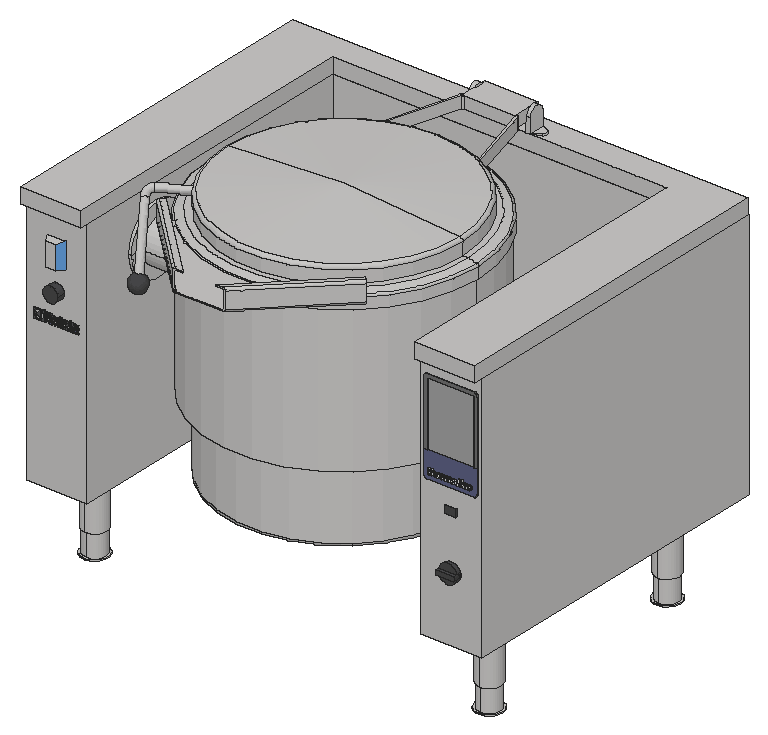
Revit family "QF_ELECTROLUXPROFESSIONAL_587158_PBOT10RCIO", category Attrezzature speciali, Revit 2020
Family settings
  Quota connettore circolare = Usa diametro
  Tipo di parte = Normale
  Basato su piano di lavoro = No
  Sempre verticale = Sì
  Taglio con vuoti quando caricato = No
  Condiviso = No
  Punto di calcolo locali = No
Parameters (values of type "Standard")
  Weight = 210.00 kg
  Watts = 18600 W
  Volts = 440 V
  URL Manufacturer = "https://www.electroluxprofessional.com/"
  URL = "https://www.electroluxprofessional.com/"
  Steam Supply Size = 0 mm
  Steam Supply Minimum Pressure = 0.0 Pa
  Steam Supply Maximum Pressure = 0.0 Pa
  Steam Consumption per Hour = 0
  Refrigeration Suction Line Size = 0.0 mm
  Refrigeration Liquid Line Size = 0.0 mm
  Refrigerant Compressor Remote = yes
  Prospetto di default = 0.0 mm
  Produttore = "Electrolux Professional"
  Phase = 3
  Modello = "PBOT10RCIO"
  Length Actual = 1200.0 mm  # constant formula
  Item Number = "587158"
  Hot Water Size = 12.7 mm
  Height Actual = 700.0 mm  # constant formula
  HP = "24.9 HP"
  Gas Size = 0 mm
  Gas KW = 0
  Gas Input Pressure = 0 W
  Direct Waste Size = 0 mm
  Descrizione = "ELECTRIC BOILING PAN, PREARR. FOR STIRRER, TILTING,100L,FS,440V,MARINE"
  Depth Actual = 900.0 mm  # constant formula
  Cycle = 50 Hz
  Condensate Return Size = 0 mm
  Compressed Air Volume = 0.0 L/s
  Compressed Air Size = 0 mm
  Compressed Air Pressure = 0.0 Pa
  Cold Water Size = 12.7 mm
  Accessory = yes
Reference planes
  plane 1 "Center (Front/Back)": y = 0
  plane 2: z = 0
  plane 3 "Center (Left/Right)": x = 0
  plane 4 "LEFT": x = -600
  plane 5 "RIGHT": x = 600
  plane 6 "BACK": y = 450
  plane 7 "FRONT": y = -450
  plane 8 "Base": z = 200
  plane 9 "TOP": z = 900
  plane 10: x = -440
  plane 11: x = 440
  plane 12 "Axe_PentolaY": y = -205
  plane 13 "AxePentolaZ": z = 730
  plane 14 "PLANE_TOP": z = 860
  plane 15: y = 380
  plane 16: x = -349.5
  plane 17: z = 880
  plane 18: z = 495
  plane 19: z = 280
  plane 20: x = -313.5
  plane 21: y = -610
  plane 22 "CentroPentolaY": y = -133
  plane 23 "TopCoperchio": z = 981
  plane 24 "Versamento": z = 910
  plane 25 "V1": through (-114.68, -565.5, 4000) normal (-0.7071, -0.7071, 0)
  plane 26 "V2": through (122.18, -558, 4000) normal (-0.7071, 0.7071, 0)
  plane 27 "Gfront": y = -1300
  plane 28 "LEVEL": through (-245.562, -289.383, 4000) normal (0.866, 0.5, 0)
  plane 29 "GRight": x = 250
  plane 30 "GLeft": x = -250
  plane 31 "Gback": y = -100
  plane 32: z = 1756
  plane 33 "Ribaltamento": y = -674
  plane 34: x = -520
  plane 35: x = 520
Forms (mm)
  Revolve 1, solid, material "QF_Finishes_Stainless Steel"
    sketch origin (0, 0, 730) x (-1, 0, 0) y (0, -1, 0)
      loop
        line (440, 205) -> (-440, 205) -> (-440, 115) -> (-430, 115) -> (-430, 148) -> (430, 148) -> (430, 115) -> (440, 115) -> (440, 205)
      axis (440, 205) -> (-440, 205)
    angle from 0 to 360
  Extrusion 2, solid, material "QF_Finishes_Stainless Steel"
    sketch origin (0, 0, 860) x (-1, 0, 0) y (0, -1, 0)
      loop
        line (600, 450) -> (440, 450) -> (440, -380) -> (-440, -380) -> (-440, 450) -> (-600, 450) -> (-600, -450) -> (600, -450) -> (600, 450)
    from 0 to 40
  Extrusion 3, solid, material "QF_Finishes_Stainless Steel"
    sketch origin (0, 0, 860) x (-1, 0, 0) y (0, -1, 0)
      loop
        line (440, -380) -> (-440, -380) -> (-440, -450) -> (440, -450) -> (440, -380)
    from 0 to -360
  Revolve 4, solid, material "QF_Finishes_Stainless Steel"
    sketch origin (0, -133, 0) x (-1, 0, 0) y (0, 0, 1)
      loop
        line (0, 880) -> (0, 280)
        arc (0, 280) -> (156.043, 284.842) -> (311.485, 299.356) r 2515
        arc (311.485, 299.356) -> (312.985, 302.455) -> (313.5, 305.859) r 11.5
        line (313.5, 305.859) -> (313.5, 495) -> (349.5, 495) -> (349.5, 880) -> (0, 880)
      axis (0, 880) -> (0, 280)
    angle from 0 to 360
  Revolve 5, solid, material "QF_Finishes_Stainless Steel"
    sketch origin (0, -133, 0) x (-1, 0, 0) y (0, 0, 1)
      loop
        line (354.5, 880) -> (354.5, 908.417)
        arc (354.5, 908.417) -> (353.283, 912.04) -> (350.126, 914.193) r 6
        line (350.126, 914.193) -> (329.5, 920) -> (313.5, 920) -> (313.5, 951.908)
        arc (313.5, 951.908) -> (311.001, 958.521) -> (304.753, 961.829) r 10
        arc (304.753, 961.829) -> (152.678, 976.202) -> (0, 981) r 2431.82
        line (0, 981) -> (0, 880) -> (354.5, 880)
      axis (0, 981) -> (0, 880)
    angle from 0 to 360
  Extrusion 6, solid, material "QF_Finishes_Stainless Steel"
    sketch origin (0, 0, 910) x (-1, 0, 0) y (0, -1, 0)
      loop
        line (45.557, 610) -> (-45.557, 610) -> (-263.465, 392.092) -> (-247.191, 375.819)
        arc (-247.191, 375.819) -> (0, 479.503) -> (247.191, 375.819) r 346.503
        line (247.191, 375.819) -> (263.465, 392.092) -> (45.557, 610)
    from 0 to 3
  Sweep 7, solid, material "QF_Finishes_Stainless Steel"
    path origin (0, 0, 910) x (-1, 0, 0) y (0, -1, 0)
      loop
        line (55.425, 624.755) -> (275.776, 404.404)
    profile origin (-165.6, -514.579, 910) x (-0.707107, -0.707107, 0) y (0, 0, 1)
      loop
        arc (-6, 0) -> (-1.757, 1.757) -> (0, 6) r 6
        line (0, 6) -> (0, 50)
        arc (0, 50) -> (-1.757, 54.243) -> (-6, 56) r 6
        line (-6, 56) -> (-19, 56) -> (-19, 53) -> (-6, 53)
        arc (-6, 53) -> (-3.879, 52.121) -> (-3, 50) r 3
        line (-3, 50) -> (-3, 6)
        arc (-3, 6) -> (-3.879, 3.879) -> (-6, 3) r 3
        line (-6, 3) -> (-19, 3) -> (-19, 0) -> (-6, 0)
  Sweep 8, solid, material "QF_Finishes_Stainless Steel"
    path origin (0, 0, 910) x (-1, 0, 0) y (0, -1, 0)
      loop
        line (-55.075, 625.105) -> (-275.776, 404.404)
    profile origin (165.425, -514.754, 910) x (-0.707107, 0.707107, 0) y (0, 0, 1)
      loop
        arc (0, 6) -> (1.757, 1.757) -> (6, 0) r 6
        line (6, 0) -> (19, 0) -> (19, 3) -> (6, 3)
        arc (6, 3) -> (3.879, 3.879) -> (3, 6) r 3
        line (3, 6) -> (3, 50)
        arc (3, 50) -> (3.879, 52.121) -> (6, 53) r 3
        line (6, 53) -> (19, 53) -> (19, 56) -> (6, 56)
        arc (6, 56) -> (1.757, 54.243) -> (0, 50) r 6
        line (0, 50) -> (0, 6)
  Extrusion 9, solid, material "QF_Finishes_Stainless Steel"
    sketch origin (0, 0, 0) x (0, 1, 0) y (0, 0, 1)
      loop
        line (420, 900) -> (420, 938.813)
        arc (420, 938.813) -> (400, 958.813) -> (380, 938.813) r 20
        line (380, 938.813) -> (380, 900) -> (420, 900)
    from -70 to -82
  Extrusion 10, solid, material "QF_Finishes_Stainless Steel"
    sketch origin (0, 0, 900) x (0, 1, 0) y (-1, 0, 0)
      loop
        arc (341.132, 72.4) -> (343.874, 70.425) -> (344.734, 67.158) r 5
        line (344.734, 67.158) -> (344.734, -67.158)
        arc (344.734, -67.158) -> (343.874, -70.425) -> (341.132, -72.4) r 5
        line (341.132, -72.4) -> (129.308, -133.139)
        arc (129.308, -133.139) -> (127.881, -135.914) -> (126.425, -138.673) r 294.162
        line (126.425, -138.673) -> (342.51, -77.206)
        arc (342.51, -77.206) -> (346.951, -74.535) -> (349.459, -70) r 10
        line (349.459, -70) -> (420, -70) -> (420, 70) -> (349.459, 70)
        arc (349.459, 70) -> (346.951, 74.535) -> (342.51, 77.206) r 10
        line (342.51, 77.206) -> (126.425, 138.673)
        arc (126.425, 138.673) -> (127.881, 135.914) -> (129.308, 133.139) r 294.162
        line (129.308, 133.139) -> (341.132, 72.4)
    from 23.419 to 54.644
  Extrusion 11, solid, material "QF_Finishes_Stainless Steel"
    sketch origin (0, 0, 0) x (0, 1, 0) y (0, 0, 1)
      loop
        line (420, 900) -> (420, 938.813)
        arc (420, 938.813) -> (400, 958.813) -> (380, 938.813) r 20
        line (380, 938.813) -> (380, 900) -> (420, 900)
    from 70 to 82
  Extrusion 12, solid, material "QF_Finishes_Stainless Steel"
    sketch origin (0, 0, 900) x (0, 1, 0) y (-1, 0, 0)
      loop
        arc (391.973, -103.927) -> (400, -108.689) -> (408.027, -103.927) r 9.146
        line (408.027, -103.927) -> (420, -82) -> (380, -82) -> (391.973, -103.927)
      loop
        line (391.973, 103.927) -> (380, 82) -> (420, 82) -> (408.027, 103.927)
        arc (408.027, 103.927) -> (400, 108.689) -> (391.973, 103.927) r 9.146
    from 0 to 3
  Extrusion 13, solid, material "QF_Door-Drawer Clearances", detail levels coarse
    sketch origin (0, 0, 0) x (0, 1, 0) y (0, 0, 1)
      loop
        line (-610, 916) -> (-610, 927.19)
        arc (-610, 927.19) -> (-658.178, 610.489) -> (-482.5, 342.612) r 447.893
        line (-482.5, 342.612) -> (-482.5, 880) -> (-487.5, 880) -> (-487.5, 910) -> (-605.757, 910)
        spline (-605.757, 910) -> (-606.311, 910.051) -> (-606.855, 910.204) -> (-607.381, 910.457) -> (-607.879, 910.804) -> (-608.34, 911.24) -> (-608.757, 911.757) -> (-609.123, 912.347) -> (-609.432, 913) -> (-609.677, 913.704) -> (-609.855, 914.447) -> (-609.964, 915.217) -> (-610, 916)
    from -100 to 100
  Extrusion 14, void
    sketch origin (0, 0, 910) x (-1, 0, 0) y (0, -1, 0)
      loop
        line (75, 610) -> (75, 627.601) -> (-72.504, 627.601) -> (-72.504, 610) -> (75, 610)
    from 0 to 71
  Extrusion 15, solid, material "QF_Door-Drawer Clearances", detail levels coarse
    sketch origin (0, 503.456, 621.717) x (0, 1, 0) y (0, 0, 1)
      loop
        line (-83.456, 332.927) -> (-293.85, 1134.283)
        arc (-293.85, 1134.283) -> (-817.32, 857.21) -> (-1113.456, 344.283) r 1070.86
        line (-1113.456, 344.283) -> (-899.021, 344.283)
        arc (-899.021, 344.283) -> (-633.085, 359.286) -> (-367.148, 344.283) r 2364.531
        line (-367.148, 344.283) -> (-323.456, 344.283) -> (-323.456, 332.927) -> (-83.456, 332.927)
    from -100 to 100
Cuts and joins
  Extrusion 14 cuts Extrusion 6
  Extrusion 14 cuts Sweep 7
  Extrusion 14 cuts Sweep 8
  joined: Extrusion 6, Sweep 7, Sweep 8
  Extrusion 14 cuts Extrusion 13
Lines and regions (mm)
  symbolic lines
    curve 1: line (600, 450, 900) -> (-600, 450, 900)
    curve 2: line (600, -450, 900) -> (600, 450, 900)
    curve 3: line (-600, 450, 900) -> (-600, -450, 900)
    curve 4: line (-600, -450, 900) -> (-440, -450, 900)
    curve 5: line (-440, -450, 900) -> (-440, 380, 900)
    curve 6: line (440, 380, 900) -> (440, -450, 900)
    curve 7: line (440, -450, 900) -> (600, -450, 900)
    curve 8: line (-430, -115, 900) -> (-430, -295, 900)
    curve 9: line (-430, -115, 900) -> (-440, -115, 900)
    curve 10: line (-430, -295, 900) -> (-440, -295, 900)
    curve 11: line (430, -115, 900) -> (440, -115, 900)
    curve 12: line (430, -295, 900) -> (440, -295, 900)
    curve 13: line (-70, 349.459, 900) -> (-70, 420, 900)
    curve 14: line (-82, 420, 900) -> (82, 420, 900)
    curve 15: line (70, 420, 900) -> (70, 349.459, 900)
    curve 16: line (-66.757, 345, 900) -> (66.757, 345, 900)
    curve 17: line (-70.18, -610, 900) -> (-275.776, -404.404, 900)
    curve 18: line (-275.776, -404.404, 900) -> (-249.31, -377.938, 900)
    curve 19: line (-262.341, -390.969, 900) -> (-56.745, -596.565, 900)
    curve 20: line (56.745, -596.565, 900) -> (262.341, -390.969, 900)
    curve 21: line (249.31, -377.938, 900) -> (275.776, -404.404, 900)
    curve 22: line (275.776, -404.404, 900) -> (70.18, -610, 900)
    curve 23: line (-103.927, 391.973, 900) -> (-82, 380, 900)
    curve 24: arc (-103.927, 408.027, 900) -> (-108.689, 400, 900) -> (-103.927, 391.973, 900) r 9.146
    curve 25: line (-82, 420, 900) -> (-103.927, 408.027, 900)
    curve 26: line (-82, 420, 900) -> (-82, 380, 900)
    curve 27: line (82, 380, 900) -> (82, 420, 900)
    curve 28: line (103.927, 408.027, 900) -> (82, 420, 900)
    curve 29: arc (103.927, 391.973, 900) -> (108.689, 400, 900) -> (103.927, 408.027, 900) r 9.146
    curve 30: line (82, 380, 900) -> (103.927, 391.973, 900)
    curve 36: line (-440, 380, 900) -> (-70, 380, 900)
    curve 37: line (440, 380, 900) -> (70, 380, 900)
    curve 38: line (-430, -147.761, 900) -> (-349.188, -147.761, 900)
    curve 39: line (-430, -262, 900) -> (-324.822, -262, 900)
    curve 40: line (430, -147.761, 900) -> (349.188, -147.761, 900)
    curve 60: line (430, -262, 900) -> (324.822, -262, 900)
    curve 72: arc (-296.118, -318.645, 910) -> (300.864, 44.851, 910) -> (-305.405, -302.936, 910) r 349.5
    curve 75: line (430, -295, 910) -> (430, -115, 910)
  symbolic lines, style "SpecialityEquipmentHiddenLines"
    curve 31: line (-250, -1300, 900) -> (250, -1300, 900)
    curve 32: line (-250, -100, 900) -> (-250, -1300, 900)
    curve 33: line (250, -100, 900) -> (-250, -100, 900)
    curve 34: line (250, -1300, 900) -> (250, -100, 900)
    curve 57: line (0, -1165.484, 900) -> (0, -1135.484, 900)
    curve 58: line (-15, -1150.484, 900) -> (15, -1150.484, 900)
    curve 61: arc (-72.4, 341.132, 910) -> (-70.425, 343.874, 910) -> (-67.158, 344.734, 910) r 5
    curve 62: arc (-70, 349.459, 910) -> (-74.535, 346.951, 910) -> (-77.206, 342.51, 910) r 10
    curve 63: arc (77.206, 342.51, 910) -> (74.535, 346.951, 910) -> (70, 349.459, 910) r 10
    curve 64: arc (67.158, 344.734, 910) -> (70.425, 343.874, 910) -> (72.4, 341.132, 910) r 5
    curve 70: line (-56.745, -596.565, 910) -> (-70.18, -610, 910)
    curve 71: line (56.745, -596.565, 910) -> (70.18, -610, 910)
    curve 74: line (250, -100, 910) -> (-250, -100, 910)
  symbolic lines, style "SpecialityEquipment"
    curve 35: circle (0, -1150.484, 900) r 15 normal (0, 0, 1)
    curve 41: line (210, -1300, 900) -> (210, -1100, 900)
    curve 42: line (170, -1300, 900) -> (170, -1140, 900)
    curve 43: line (130, -1300, 900) -> (130, -1180, 900)
    curve 44: line (90, -1300, 900) -> (90, -1220, 900)
    curve 45: line (90, -1260, 900) -> (250, -1260, 900)
    curve 46: line (130, -1220, 900) -> (250, -1220, 900)
    curve 47: line (170, -1180, 900) -> (250, -1180, 900)
    curve 48: line (210, -1140, 900) -> (250, -1140, 900)
    curve 49: line (-210, -1300, 900) -> (-210, -1100, 900)
    curve 50: line (-170, -1300, 900) -> (-170, -1140, 900)
    curve 51: line (-130, -1300, 900) -> (-130, -1180, 900)
    curve 52: line (-90, -1300, 900) -> (-90, -1220, 900)
    curve 53: line (-90, -1260, 900) -> (-250, -1260, 900)
    curve 54: line (-130, -1220, 900) -> (-250, -1220, 900)
    curve 55: line (-170, -1180, 900) -> (-250, -1180, 900)
    curve 56: line (-210, -1140, 900) -> (-250, -1140, 900)
    curve 59: line (-70.18, -610, 900) -> (70.18, -610, 900)
    curve 65: line (72.4, 341.132, 910) -> (133.139, 129.308, 910)
    curve 66: line (138.673, 126.425, 910) -> (77.206, 342.51, 910)
    curve 67: line (-133.139, 129.308, 910) -> (-72.4, 341.132, 910)
    curve 68: line (-77.206, 342.51, 910) -> (-138.673, 126.425, 910)
    curve 69: circle (0, -133, 910) r 294.162 normal (0, 0, -1)
    curve 73: circle (0, -133, 910) r 313.5 normal (0, 0, 1)
Dimensions and locks
  plane 4 "LEFT" to plane 5 "RIGHT" = 1200.0 mm
  equal spacing: plane 4 "LEFT", plane 3 "Center (Left/Right)", plane 5 "RIGHT"
  equal spacing: plane 6 "BACK", plane 1 "Center (Front/Back)", plane 7 "FRONT"
  plane 6 "BACK" to plane 7 "FRONT" = 900.0 mm
  plane 8 "Base" to level = 200.0 mm
  plane 9 "TOP" to level = 900.0 mm
  plane 9 "TOP" to plane 8 "Base" = 700.0 mm
  locked: plane 4 "LEFT" to plane 10 at 160
  locked: plane 11 to plane 5 "RIGHT" at 160
  locked: plane 6 "BACK" to plane 12 "Axe_PentolaY" at 655
  locked: plane 13 "AxePentolaZ" to plane 8 "Base" at 530
  locked: Revolve 1 sketch curve to Revolve 1 sketch curve at 57
  locked: Revolve 1 sketch curve to Revolve 1 sketch curve at 90
  locked: plane 10 to Revolve 1 sketch curve at 10
  locked: Revolve 1 sketch curve to plane 11 at 10
  locked: plane 9 "TOP" to plane 14 "PLANE_TOP" at 40
  plane 6 "BACK" to plane 15 = 70.0 mm
  locked: plane 17 to plane 13 "AxePentolaZ" at 150
  locked: plane 13 "AxePentolaZ" to plane 18 at 235
  locked: plane 18 to plane 19 at 215
  locked: plane 3 "Center (Left/Right)" to plane 16 at 349.5
  locked: plane 3 "Center (Left/Right)" to plane 20 at 313.5
  Revolve 5 sketch curve to plane 17 = 40.0 mm
  locked: plane 16 to Revolve 5 sketch curve at 5
  plane 6 "BACK" to plane 21 = 1060.0 mm
  locked: plane 6 "BACK" to plane 22 "CentroPentolaY" at 583
  locked: plane 23 "TopCoperchio" to plane 9 "TOP" at 81
  locked: plane 24 "Versamento" to level at 910
  plane 6 "BACK" to plane 27 "Gfront" = 1750.0 mm
  locked: plane 30 "GLeft" to plane 3 "Center (Left/Right)" at 250
  locked: plane 3 "Center (Left/Right)" to plane 29 "GRight" at 250
  plane 6 "BACK" to plane 31 "Gback" = 550.0 mm
  plane 32 to plane 9 "TOP" = 856.0 mm
  plane 6 "BACK" to plane 33 "Ribaltamento" = 1124.0 mm
  equal spacing: plane 10, plane 34, plane 4 "LEFT"
  equal spacing: plane 5 "RIGHT", plane 35, plane 11
  aligned and locked: level to plane 2
  aligned and locked: plane 5 "RIGHT" to nested 2
  aligned and locked: plane 4 "LEFT" to nested 1
  aligned and locked: plane 8 "Base" to nested 1
  aligned and locked: plane 8 "Base" to nested 2
  aligned and locked: plane 6 "BACK" to nested 2
  aligned and locked: plane 6 "BACK" to nested 1
  aligned and locked: plane 10 to Revolve 1 sketch curve
  aligned and locked: plane 11 to Revolve 1 sketch curve
  aligned and locked: plane 4 "LEFT" to Extrusion 2 sketch curve
  aligned and locked: Extrusion 2 sketch curve to plane 10
  aligned and locked: plane 7 "FRONT" to Extrusion 2 sketch curve  (x2)
  aligned and locked: Extrusion 2 sketch curve to plane 5 "RIGHT"
  aligned and locked: plane 11 to Extrusion 2 sketch curve
  aligned and locked: Extrusion 2 sketch curve to plane 6 "BACK"
  aligned and locked: plane 15 to Extrusion 2 sketch curve
  aligned and locked: Extrusion 3 sketch curve to plane 10
  aligned and locked: plane 6 "BACK" to Extrusion 3 sketch curve
  aligned and locked: plane 11 to Extrusion 3 sketch curve
  aligned and locked: Extrusion 3 sketch curve to plane 15
  aligned and locked: plane 3 "Center (Left/Right)" to Revolve 4 sketch curve
  aligned and locked: Revolve 4 sketch curve to plane 20
  aligned and locked: Revolve 4 sketch curve to plane 18
  aligned and locked: Revolve 4 sketch curve to plane 16
  aligned and locked: plane 17 to Revolve 4 sketch curve
  aligned and locked: Revolve 5 sketch curve to plane 17
  aligned and locked: Extrusion 9 sketch curve to plane 15
  aligned and locked: Extrusion 9 sketch curve to Extrusion 2
  aligned and locked: curve 31 to plane 27 "Gfront"
  aligned and locked: curve 32 to plane 30 "GLeft"
  aligned and locked: plane 29 "GRight" to curve 34
  aligned and locked: plane 31 "Gback" to curve 33
  aligned and locked: plane 34 to nested 3
  aligned and locked: plane 35 to nested 4
Automatic sketch dimensions
  plane 12 "Axe_PentolaY" to Revolve 1 sketch curve = 0.0 mm
  Revolve 1 sketch curve to plane 12 "Axe_PentolaY" = 0.0 mm
  Revolve 1 sketch curve to plane 31 "Gback" = 15.0 mm
  plane 5 "RIGHT" to Revolve 1 sketch curve = 432.098 mm
  Revolve 1 sketch curve to plane 4 "LEFT" = 580.148 mm
  Revolve 4 sketch curve to plane 3 "Center (Left/Right)" = 0.0 mm
  Revolve 4 sketch curve to plane 19 = 0.0 mm
  Revolve 4 sketch curve to plane 3 "Center (Left/Right)" = 0.059 mm
  Revolve 4 sketch curve to Revolve 4 sketch curve = 11.5 mm
  plane 19 to Revolve 4 sketch curve = 25.859 mm
  plane 32 to Revolve 4 sketch curve = 1039.0 mm
  level to Revolve 4 sketch curve = 60.0 mm
  plane 23 "TopCoperchio" to Revolve 4 sketch curve = 179.0 mm
  Extrusion 6 sketch curve to plane 21 = 0.0 mm
  Extrusion 6 sketch curve to plane 3 "Center (Left/Right)" = 0.0 mm
  Extrusion 6 sketch curve to plane 22 "CentroPentolaY" = 0.0 mm
  plane 3 "Center (Left/Right)" to Extrusion 6 sketch curve = 45.557 mm
  Extrusion 6 sketch curve to plane 29 "GRight" = 2.809 mm
  plane 29 "GRight" to Extrusion 6 sketch curve = 13.465 mm
  Extrusion 6 sketch curve to plane 3 "Center (Left/Right)" = 45.557 mm
  plane 30 "GLeft" to Extrusion 6 sketch curve = 2.809 mm
  Extrusion 6 sketch curve to plane 30 "GLeft" = 13.465 mm
  plane 7 "FRONT" to Extrusion 6 sketch curve = 74.181 mm
  plane 25 "V1" to Sweep 7 sketch curve = 0.0 mm
  Sweep 7 sketch curve to plane 25 "V1" = 0.0 mm
  Sweep 7 sketch curve to plane 21 = 14.755 mm
  Sweep 7 sketch curve to plane 30 "GLeft" = 25.776 mm
  Sweep 7 sketch curve to Sweep 7 sketch curve = 0.0 mm  (x4)
  plane 24 "Versamento" to Sweep 7 sketch curve = 0.0 mm
  Sweep 7 sketch curve to profile plane = 0.0 mm
  profile plane to Sweep 7 sketch curve = 3.0 mm
  Sweep 7 sketch curve to Sweep 7 sketch curve = 3.0 mm  (x2)
  Sweep 7 sketch curve to Sweep 7 sketch curve = 13.0 mm  (x2)
  Sweep 7 sketch curve to Sweep 7 sketch curve = 44.0 mm
  Sweep 8 sketch curve to plane 26 "V2" = 0.0 mm  (x2)
  plane 29 "GRight" to Sweep 8 sketch curve = 25.776 mm
  Sweep 8 sketch curve to plane 21 = 15.105 mm
  Sweep 8 sketch curve to Sweep 8 sketch curve = 0.0 mm  (x4)
  Sweep 8 sketch curve to profile plane = 0.0 mm
  plane 24 "Versamento" to Sweep 8 sketch curve = 0.0 mm
  Sweep 8 sketch curve to Sweep 8 sketch curve = 3.0 mm  (x2)
  Sweep 8 sketch curve to profile plane = 6.0 mm
  Sweep 8 sketch curve to Sweep 8 sketch curve = 13.0 mm  (x2)
  Sweep 8 sketch curve to Sweep 8 sketch curve = 44.0 mm
  plane 15 to Extrusion 9 sketch curve = 20.0 mm
  plane 24 "Versamento" to Extrusion 9 sketch curve = 28.813 mm
  Extrusion 10 sketch curve to Extrusion 10 sketch curve = 0.0 mm  (x6)
  Extrusion 10 sketch curve to plane 3 "Center (Left/Right)" = 0.0 mm
  Extrusion 10 sketch curve to plane 22 "CentroPentolaY" = 0.0 mm
  Extrusion 10 sketch curve to plane 1 "Center (Front/Back)" = 126.425 mm  (x2)
  Extrusion 10 sketch curve to Extrusion 10 sketch curve = 2.883 mm  (x2)
  Extrusion 10 sketch curve to plane 15 = 40.247 mm  (x2)
  Extrusion 10 sketch curve to Extrusion 10 sketch curve = 1.378 mm  (x4)
  Extrusion 10 sketch curve to Extrusion 10 sketch curve = 4.981 mm
  Extrusion 10 sketch curve to Extrusion 10 sketch curve = 4.725 mm  (x2)
  Extrusion 10 sketch curve to plane 6 "BACK" = 30.0 mm
  plane 3 "Center (Left/Right)" to Extrusion 10 sketch curve = 67.158 mm
  Extrusion 10 sketch curve to Extrusion 10 sketch curve = 0.436 mm  (x2)
  plane 3 "Center (Left/Right)" to Extrusion 10 sketch curve = 70.0 mm
  Extrusion 10 sketch curve to plane 29 "GRight" = 116.861 mm
  Extrusion 10 sketch curve to plane 3 "Center (Left/Right)" = 67.158 mm
  Extrusion 10 sketch curve to plane 3 "Center (Left/Right)" = 70.0 mm
  plane 30 "GLeft" to Extrusion 10 sketch curve = 116.861 mm
  Extrusion 11 sketch curve to plane 9 "TOP" = 0.0 mm
  Extrusion 11 sketch curve to plane 15 = 0.0 mm
  plane 15 to Extrusion 11 sketch curve = 20.0 mm
  plane 24 "Versamento" to Extrusion 11 sketch curve = 28.813 mm
  Extrusion 12 sketch curve to plane 15 = 0.0 mm  (x2)
  plane 15 to Extrusion 12 sketch curve = 11.973 mm  (x2)
  Extrusion 12 sketch curve to Extrusion 12 sketch curve = 8.027 mm  (x4)
  Extrusion 12 sketch curve to Extrusion 12 sketch curve = 11.973 mm  (x2)
  plane 3 "Center (Left/Right)" to Extrusion 12 sketch curve = 103.927 mm
  Extrusion 12 sketch curve to Extrusion 12 sketch curve = 4.383 mm  (x2)
  Extrusion 12 sketch curve to Extrusion 12 sketch curve = 21.927 mm
  Extrusion 12 sketch curve to plane 3 "Center (Left/Right)" = 82.0 mm
  Extrusion 12 sketch curve to Extrusion 12 sketch curve = 17.543 mm
  Extrusion 13 sketch curve to plane 21 = 0.0 mm
  Extrusion 13 sketch curve to plane 24 "Versamento" = 0.0 mm
  Extrusion 13 sketch curve to plane 17 = 0.0 mm
  plane 21 to Extrusion 13 sketch curve = 4.243 mm
  Extrusion 13 sketch curve to plane 7 "FRONT" = 37.5 mm
  Extrusion 13 sketch curve to Extrusion 13 sketch curve = 5.0 mm
  Extrusion 13 sketch curve to plane 12 "Axe_PentolaY" = 15.573 mm
  Extrusion 13 sketch curve to plane 13 "AxePentolaZ" = 24.067 mm
  plane 19 to Extrusion 13 sketch curve = 62.612 mm
  plane 24 "Versamento" to Extrusion 13 sketch curve = 6.0 mm
  Extrusion 14 sketch curve to plane 21 = 0.0 mm
  plane 3 "Center (Left/Right)" to Extrusion 14 sketch curve = 72.504 mm
  Extrusion 14 sketch curve to plane 21 = 17.601 mm
  Extrusion 14 sketch curve to plane 3 "Center (Left/Right)" = 75.0 mm
  Extrusion 15 sketch curve to plane 21 = 0.0 mm
  Extrusion 15 sketch curve to plane 32 = 0.0 mm
  plane 7 "FRONT" to Extrusion 15 sketch curve = 54.435 mm
  plane 22 "CentroPentolaY" to Extrusion 15 sketch curve = 3.372 mm
  Extrusion 15 sketch curve to plane 23 "TopCoperchio" = 15.0 mm
  Extrusion 15 sketch curve to plane 1 "Center (Front/Back)" = 136.308 mm
  Extrusion 15 sketch curve to Extrusion 15 sketch curve = 43.692 mm
  Extrusion 15 sketch curve to plane 6 "BACK" = 30.0 mm
  Extrusion 15 sketch curve to plane 6 "BACK" = 20.705 mm
  Extrusion 15 sketch curve to Extrusion 15 sketch curve = 11.356 mm
  Extrusion 15 sketch curve to plane 13 "AxePentolaZ" = 22.083 mm
  Extrusion 15 sketch curve to level = 1383.528 mm
  curve 61 to curve 62 = 0.0 mm  (x2)
  curve 63 to curve 64 = 0.0 mm  (x2)
  curve 69 to curve 72 = 0.0 mm  (x2)
  curve 69 to curve 73 = 0.0 mm  (x2)
  curve 72 to curve 73 = 0.0 mm  (x2)
  curve 74 to plane 29 "GRight" = 0.0 mm
  curve 71 to plane 21 = 0.0 mm
  curve 71 to plane 26 "V2" = 0.0 mm
  curve 69 to plane 3 "Center (Left/Right)" = 0.0 mm
  curve 70 to plane 21 = 0.0 mm
  plane 25 "V1" to curve 70 = 0.0 mm
  curve 74 to plane 30 "GLeft" = 0.0 mm
  curve 74 to plane 31 "Gback" = 0.0 mm
  curve 73 to plane 22 "CentroPentolaY" = 0.0 mm
  curve 66 to plane 15 = 37.49 mm
  plane 3 "Center (Left/Right)" to curve 66 = 77.206 mm
  curve 63 to curve 65 = 4.806 mm
  curve 64 to curve 64 = 4.806 mm
  curve 62 to plane 3 "Center (Left/Right)" = 67.593 mm
  curve 67 to plane 15 = 38.868 mm
  curve 61 to curve 67 = 4.806 mm
  curve 68 to plane 15 = 37.49 mm
  curve 61 to curve 68 = 4.806 mm
  curve 63 to curve 65 = 1.378 mm
  curve 67 to curve 62 = 1.378 mm
  curve 64 to curve 64 = 1.378 mm
  curve 75 to plane 11 = 10.0 mm
  curve 66 to plane 29 "GRight" = 111.327 mm
  curve 66 to curve 65 = 5.534 mm
  curve 64 to curve 63 = 2.4 mm
  curve 63 to curve 64 = 0.436 mm
  plane 21 to curve 71 = 13.435 mm
  curve 71 to curve 71 = 13.435 mm
  plane 21 to curve 70 = 13.435 mm
  curve 70 to curve 70 = 13.435 mm
  curve 61 to curve 61 = 0.436 mm
  curve 61 to curve 62 = 2.842 mm
  plane 30 "GLeft" to curve 67 = 116.861 mm
  curve 67 to curve 68 = 5.534 mm
  plane 20 to curve 72 = 17.382 mm
  plane 20 to curve 72 = 8.095 mm
  curve 67 to plane 1 "Center (Front/Back)" = 129.308 mm
  curve 75 to plane 31 "Gback" = 15.0 mm
  curve 75 to plane 12 "Axe_PentolaY" = 90.0 mm
  curve 72 to plane 12 "Axe_PentolaY" = 97.936 mm
  curve 57 to plane 3 "Center (Left/Right)" = 0.0 mm
  curve 35 to plane 3 "Center (Left/Right)" = 0.0 mm
  curve 59 to plane 21 = 0.0 mm
  curve 5 to plane 7 "FRONT" = 0.0 mm
  curve 6 to plane 7 "FRONT" = 0.0 mm
  curve 17 to plane 25 "V1" = 0.0 mm
  curve 22 to plane 26 "V2" = 0.0 mm  (x2)
  curve 12 to plane 11 = 0.0 mm
  curve 10 to plane 10 = 0.0 mm
  curve 5 to plane 15 = 0.0 mm
  curve 6 to plane 15 = 0.0 mm
  curve 2 to plane 5 "RIGHT" = 0.0 mm
  curve 2 to plane 6 "BACK" = 0.0 mm
  plane 25 "V1" to curve 59 = 0.0 mm
  curve 3 to plane 4 "LEFT" = 0.0 mm
  plane 27 "Gfront" to curve 35 = 149.516 mm
  curve 17 to plane 30 "GLeft" = 25.776 mm
  plane 29 "GRight" to curve 22 = 25.776 mm
  plane 10 to curve 8 = 10.0 mm
  curve 8 to plane 12 "Axe_PentolaY" = 90.0 mm
  curve 8 to plane 31 "Gback" = 15.0 mm
  plane 15 to curve 30 = 11.973 mm
  plane 15 to curve 23 = 11.973 mm
  curve 24 to curve 24 = 8.027 mm
  curve 29 to curve 29 = 8.027 mm
  curve 24 to curve 25 = 8.027 mm
  curve 29 to curve 28 = 8.027 mm
  curve 25 to curve 25 = 11.973 mm
  plane 3 "Center (Left/Right)" to curve 30 = 103.927 mm
  curve 28 to curve 29 = 4.383 mm
  curve 28 to curve 28 = 21.927 mm
  curve 26 to plane 3 "Center (Left/Right)" = 82.0 mm
  curve 14 to curve 24 = 17.543 mm
  curve 24 to curve 25 = 4.383 mm
  curve 31 to curve 45 = 40.0 mm
  curve 31 to curve 53 = 40.0 mm
  curve 53 to curve 52 = 40.0 mm
  curve 45 to curve 46 = 40.0 mm
  curve 54 to curve 52 = 0.0 mm
  curve 44 to curve 46 = 0.0 mm
  curve 46 to curve 43 = 40.0 mm
  curve 54 to curve 55 = 40.0 mm
  curve 43 to curve 47 = 0.0 mm
  curve 55 to curve 51 = 0.0 mm
  curve 57 to curve 35 = 15.0 mm
  curve 58 to curve 35 = 0.0 mm
  curve 47 to curve 42 = 40.0 mm
  curve 55 to curve 56 = 40.0 mm
  curve 42 to curve 48 = 0.0 mm
  curve 56 to curve 50 = 0.0 mm
  curve 56 to curve 49 = 40.0 mm
  curve 48 to curve 41 = 40.0 mm
  plane 21 to curve 20 = 13.435 mm
  plane 21 to curve 19 = 13.435 mm
  curve 19 to plane 30 "GLeft" = 12.341 mm
  plane 29 "GRight" to curve 20 = 12.341 mm
  plane 30 "GLeft" to curve 18 = 0.69 mm
  curve 21 to plane 29 "GRight" = 0.69 mm
  curve 12 to plane 11 = 10.0 mm
  curve 12 to plane 12 "Axe_PentolaY" = 90.0 mm
  curve 60 to plane 11 = 10.0 mm
  curve 12 to curve 60 = 33.0 mm
  curve 8 to curve 39 = 33.0 mm
  curve 40 to plane 22 "CentroPentolaY" = 14.761 mm
  plane 16 to curve 38 = 0.312 mm
  curve 38 to plane 22 "CentroPentolaY" = 14.761 mm
  curve 11 to plane 31 "Gback" = 15.0 mm
  curve 16 to plane 15 = 35.0 mm
  curve 16 to curve 15 = 4.459 mm
  curve 16 to curve 13 = 4.459 mm
  curve 11 to curve 11 = 10.0 mm
  curve 40 to plane 11 = 10.0 mm
  curve 40 to curve 40 = 80.812 mm
  plane 29 "GRight" to curve 60 = 74.822 mm
  curve 48 to plane 29 "GRight" = 40.0 mm
  curve 48 to curve 42 = 40.0 mm
  curve 47 to curve 43 = 40.0 mm
  curve 46 to curve 44 = 40.0 mm
  curve 14 to curve 15 = 12.0 mm
  curve 15 to curve 16 = 3.243 mm
  curve 16 to curve 23 = 15.243 mm
  curve 13 to curve 14 = 12.0 mm
  curve 53 to plane 3 "Center (Left/Right)" = 90.0 mm
  curve 52 to curve 51 = 40.0 mm
  curve 51 to curve 50 = 40.0 mm
  plane 30 "GLeft" to curve 49 = 40.0 mm
  curve 39 to plane 20 = 11.322 mm
  Revolve 5 sketch curve to plane 3 "Center (Left/Right)" = 0.0 mm  (x2)
  plane 20 to Revolve 5 sketch curve = 0.0 mm
  Revolve 5 sketch curve to plane 23 "TopCoperchio" = 0.0 mm
  Revolve 5 sketch curve to Revolve 5 sketch curve = 10.0 mm
  Revolve 5 sketch curve to plane 20 = 16.0 mm
  plane 16 to Revolve 5 sketch curve = 1.0 mm
  Revolve 5 sketch curve to plane 16 = 0.626 mm
  Revolve 5 sketch curve to level = 1450.82 mm
  Revolve 5 sketch curve to plane 24 "Versamento" = 1.583 mm
  Revolve 5 sketch curve to plane 23 "TopCoperchio" = 29.092 mm
  Revolve 5 sketch curve to plane 18 = 95.0 mm
  Revolve 5 sketch curve to Revolve 5 sketch curve = 179.0 mm
  radius of curve 73 = 313.5 mm
Nested families
  nested 1: "QF_ELECTROLUXPROFESSIONAL_PBOT900_LEFT" at (-520, 0, 0), type "QF_ELECTROLUXPROFESSIONAL_PBOT900_LEFT"
    with Body Finish QF_Finishes_Stainless Steel
  nested 2: "QF_ELECTROLUXPROFESSIONAL_PBOT900_RIGHT" at (520, 0, 0), type "QF_ELECTROLUXPROFESSIONAL_PBOT900_RIGHT"
    with Body Finish QF_Finishes_Stainless Steel
  nested 3: "QF_ELECTROLUXPROFESSIONAL_2FEET_THL_120xH200" at (-520, 0, 0), type "QF_ELECTROLUXPROFESSIONAL_2FEET_THL_120xH200"
  nested 4: "QF_ELECTROLUXPROFESSIONAL_2FEET_THL_120xH200" at (520, 0, 0), type "QF_ELECTROLUXPROFESSIONAL_2FEET_THL_120xH200"
  nested 5: "QF_ELECTROLUXPROFESSIONAL_PBOT900_LEVEL1" at (-269.073, -292.423, 940) x (0.866, 0.5, 0) z (0, 0, 1), type "QF_ELECTROLUXPROFESSIONAL_PBOT900_LEVEL1"
Connectors
  piping at (-550, 453, 395), diameter 12.7, driven by "Hot Water Size"
    settings: on nested 1, index 1, connector inside diameter 609.6 mm, connector length 0.0 mm, flow factor 0, pipe flow 0.0 L/s, pressure drop 0.0 Pa, fitting loss kfactor 0, connector angle 0.00°, fixture units 0, engagement length 0.0 mm, angle of deflection 0.00°, flow configuration 1, flow direction 1, fitting loss method 0, system type 19, joint type 0, gender type 0, connector reference index -1, connector utility 0, adjustable connector no, is connector primary yes, connector description "Hot Water Inlet"
  piping at (-490, 453, 395), diameter 12.7, driven by "Cold Water Size"
    settings: on nested 1, index 2, connector inside diameter 609.6 mm, connector length 0.0 mm, flow factor 0, pipe flow 0.0 L/s, pressure drop 0.0 Pa, fitting loss kfactor 0, connector angle 0.00°, fixture units 0, engagement length 0.0 mm, angle of deflection 0.00°, flow configuration 1, flow direction 1, fitting loss method 0, system type 20, joint type 0, gender type 0, connector reference index -1, connector utility 0, adjustable connector no, is connector primary no, connector description "Cold Water Inlet"
  electrical at (520, 450, 450), driven by "Volts"
    settings: on nested 2, index 3, voltage 440 V, apparent load 0 VA, apparent load phase1 0 VA, apparent load phase2 0 VA, apparent load phase3 0 VA, power factor 1, load classification "Other", number of poles 1, system type 30, power factor state 1, is connector primary yes, connector utility no, sub classification motor no, connector description "Electrical Connection"
Definition of nested family "QF_ELECTROLUXPROFESSIONAL_PBOT900_LEFT"
  Parameters
    Width = 160.0 mm
    Right = Width / 2  # 80.0 mm
    Default Elevation = 0.0 mm
    Left = -Width / 2  # -80.0 mm
    Htop = 40.0 mm
    Height = 900.0 mm
    HW_CW_y = 312.0 mm
    HW_CW_Border = 50.0 mm
    HBase = 200.0 mm
    Depth = 900.0 mm
    BorderFront = 20.0 mm
    Body Finish [instance] = none
  Reference planes
    plane 1 "Center (Front/Back)": y = 0
    plane 2: z = 0
    plane 3 "Center (Left/Right)": x = 0
    plane 4 "LEFT": x = -80
    plane 5 "RIGHT": x = 80
    plane 6 "BACK": y = 450
    plane 7 "FRONT": y = -450
    plane 8 "TRAYSLIDER": y = -811.8
    plane 9 "Base": z = 200
    plane 10 "TOP": z = 900
    plane 11 "BorderFront": y = -430
    plane 12: z = 860
    plane 13 "HW_CW": y = 138
    plane 14: x = -30
    plane 15: x = 30
  Forms (mm)
    Extrusion 1, solid
      sketch origin (0, 0, 0) x (1, 0, 0) y (0, 1, 0)
        loop
          line (-80, 450) -> (-80, -430) -> (80, -430) -> (80, 450) -> (-80, 450)
      from 860 to 200
    Extrusion 2, solid
      sketch origin (-1.5, -430, 0) x (-1, 0, 0) y (0, 0, 1)
        loop
          circle (-1.5, 673.484) r 20
      from 0 to -20
    Extrusion 3, solid, material <- "Body Finish"
      sketch origin (0, 450, 0) x (-1, 0, 0) y (0, 0, 1)
        loop
          circle (30, 395) r 6.35
        loop
          circle (-30, 395) r 6.35
      from 3 to 0
    Blend 4, solid, material <- "Body Finish"
      base sketch origin (0, -430, -0.233) x (-1, 0, 0) y (0, 0, 1)
        loop
          line (23.5, 800.233) -> (-23.5, 800.233) -> (-23.5, 733.433) -> (23.5, 733.433) -> (23.5, 800.233)
      top sketch origin (0, -430, -0.233) x (-1, 0, 0) y (0, 0, 1)
        loop
          line (13.448, 797.45) -> (-13.448, 797.45) -> (-13.448, 736.216) -> (13.448, 736.216) -> (13.448, 797.45)
      from 0 to -20
    Extrusion 5, solid
      sketch origin (-12.54, -430, 23) x (-1, 0, 0) y (0, 0, 1)
        loop
          line (5.327, 593.058) -> (5.327, 590.846) -> (11.437, 590.846) -> (11.437, 587.616) -> (5.692, 587.616) -> (5.692, 585.398) -> (11.437, 585.398) -> (11.437, 583.444)
          arc (11.437, 583.444) -> (10.839, 582.088) -> (9.435, 581.614) r 1.838
          line (9.435, 581.614) -> (5.163, 581.614) -> (5.163, 579.403) -> (9.986, 579.403)
          arc (9.986, 579.403) -> (12.674, 580.517) -> (13.788, 583.205) r 3.802
          line (13.788, 583.205) -> (13.788, 593.058) -> (5.327, 593.058)
        loop
          line (3.492, 593.058) -> (1.141, 593.058) -> (1.141, 579.403) -> (3.492, 579.403) -> (3.492, 593.058)
        loop
          line (-47.588, 593.058) -> (-49.941, 593.058) -> (-49.941, 579.403) -> (-47.588, 579.403) -> (-47.588, 593.058)
        loop
          arc (-2.749, 583.764) -> (-3.194, 582.272) -> (-4.489, 581.409) r 2.29
          arc (-4.489, 581.409) -> (-6.614, 581.225) -> (-8.443, 582.322) r 3.458
          line (-8.443, 582.322) -> (-9.836, 580.928)
          arc (-9.836, 580.928) -> (-7.685, 579.48) -> (-5.119, 579.102) r 5.86
          arc (-5.119, 579.102) -> (-1.823, 580.467) -> (-0.457, 583.764) r 4.662
          arc (-0.457, 583.764) -> (-1.495, 587.706) -> (-5.131, 589.55) r 4.976
          arc (-5.131, 589.55) -> (-9.259, 588.004) -> (-10.466, 583.764) r 4.89
          line (-10.466, 583.764) -> (-2.749, 583.764)
        loop
          arc (-2.808, 585.417) -> (-3.843, 587.066) -> (-5.727, 587.557) r 2.64
          arc (-5.727, 587.557) -> (-7.36, 586.981) -> (-8.104, 585.417) r 2.256
          line (-8.104, 585.417) -> (-2.808, 585.417)
        loop
          arc (-19.634, 586.402) -> (-17.741, 587.437) -> (-15.609, 587.112) r 3.369
          arc (-15.609, 587.112) -> (-14.276, 585.699) -> (-14.118, 583.764) r 2.933
          arc (-14.118, 583.764) -> (-16.389, 581.316) -> (-19.559, 582.365) r 3.088
          line (-19.559, 582.365) -> (-21.028, 580.896)
          arc (-21.028, 580.896) -> (-14.811, 579.611) -> (-11.775, 585.186) r 5.33
          arc (-11.775, 585.186) -> (-13.576, 588.365) -> (-17.009, 589.62) r 5.293
          arc (-17.009, 589.62) -> (-19.259, 589.219) -> (-21.111, 587.878) r 5.117
          line (-21.111, 587.878) -> (-19.634, 586.402)
        loop
          line (-22.556, 593.058) -> (-24.908, 593.058) -> (-24.908, 589.279) -> (-27.044, 589.279) -> (-27.044, 587.143) -> (-24.908, 587.143) -> (-24.908, 583.764)
          arc (-24.908, 583.764) -> (-25.11, 582.682) -> (-25.866, 581.883) r 1.949
          arc (-25.866, 581.883) -> (-26.455, 581.649) -> (-27.088, 581.601) r 2.118
          line (-27.088, 581.601) -> (-27.088, 579.397)
          arc (-27.088, 579.397) -> (-24.962, 579.678) -> (-23.283, 581.013) r 4.018
          arc (-23.283, 581.013) -> (-22.759, 582.327) -> (-22.556, 583.727) r 6.031
          line (-22.556, 583.727) -> (-22.556, 593.058)
        loop
          line (-31.355, 584.595) -> (-31.355, 579.403) -> (-29.023, 579.403) -> (-29.023, 589.279) -> (-31.355, 589.279) -> (-31.355, 587.855)
          arc (-31.355, 587.855) -> (-32.932, 589.208) -> (-35.001, 589.403) r 3.432
          line (-35.001, 589.403) -> (-35.001, 587.143)
          arc (-35.001, 587.143) -> (-33.417, 587.175) -> (-32.009, 586.452) r 3.231
          arc (-32.009, 586.452) -> (-31.523, 585.579) -> (-31.355, 584.595) r 2.967
        loop
          circle (-40.752, 584.339) r 5.233
        loop
          circle (-40.752, 584.339) r 3.172
        loop
          line (-58.424, 583.516) -> (-58.424, 589.279) -> (-60.794, 589.279) -> (-60.794, 583.417)
          arc (-60.794, 583.417) -> (-59.481, 580.276) -> (-56.268, 579.153) r 4.181
          arc (-56.268, 579.153) -> (-53.09, 580.243) -> (-51.74, 583.32) r 4.181
          line (-51.74, 583.32) -> (-51.74, 589.279) -> (-54.111, 589.279) -> (-54.111, 583.516)
          arc (-54.111, 583.516) -> (-54.692, 581.919) -> (-56.268, 581.283) r 2.088
          arc (-56.268, 581.283) -> (-57.843, 581.919) -> (-58.424, 583.516) r 2.088
        loop
          line (-62.216, 589.279) -> (-64.76, 589.279) -> (-66.89, 586.347) -> (-69.053, 589.279) -> (-71.621, 589.279) -> (-68.238, 584.695) -> (-71.937, 579.4) -> (-69.425, 579.4) -> (-66.898, 582.879) -> (-64.408, 579.4) -> (-61.879, 579.4) -> (-65.631, 584.642) -> (-62.216, 589.279)
        loop
          arc (12.465, 573.743) -> (10.91, 572.325) -> (12.18, 570.647) r 1.561
          line (12.18, 570.647) -> (13.314, 570.647) -> (13.314, 569.021) -> (14.34, 569.021) -> (14.34, 573.743) -> (12.465, 573.743)
        loop
          line (12.224, 571.575) -> (13.314, 571.575) -> (13.314, 572.789) -> (12.224, 572.789)
          arc (12.224, 572.789) -> (11.836, 572.182) -> (12.224, 571.575) r 0.668
        loop
          arc (5.055, 573.743) -> (3.966, 573.299) -> (3.497, 572.221) r 1.559
          arc (3.497, 572.221) -> (3.646, 571.544) -> (4.091, 571.012) r 1.458
          line (4.091, 571.012) -> (3.163, 569.021) -> (4.265, 569.021) -> (4.944, 570.647) -> (5.937, 570.647) -> (5.937, 569.021) -> (6.963, 569.021) -> (6.963, 573.743) -> (5.055, 573.743)
        loop
          line (5.937, 572.789) -> (4.847, 572.789)
          arc (4.847, 572.789) -> (4.459, 572.182) -> (4.847, 571.575) r 0.668
          line (4.847, 571.575) -> (5.937, 571.575) -> (5.937, 572.789)
        loop
          circle (-2.866, 571.382) r 2.453
        loop
          circle (-2.866, 571.382) r 1.557
        loop
          line (-9.35, 573.743) -> (-12.299, 573.743) -> (-12.299, 572.725) -> (-10.352, 572.725) -> (-10.352, 571.729) -> (-12.129, 571.729) -> (-12.129, 570.671) -> (-10.352, 570.671) -> (-10.352, 569.021) -> (-9.35, 569.021) -> (-9.35, 573.743)
        loop
          line (-16.282, 573.743) -> (-19.27, 573.743) -> (-19.27, 572.851) -> (-17.252, 572.851) -> (-17.252, 571.921) -> (-19.139, 571.921) -> (-19.139, 571.029) -> (-17.252, 571.029)
          arc (-17.252, 571.029) -> (-17.355, 570.353) -> (-17.883, 569.916) r 0.961
          line (-17.883, 569.916) -> (-19.316, 569.916) -> (-19.316, 569.024) -> (-17.792, 569.024)
          arc (-17.792, 569.024) -> (-16.717, 569.474) -> (-16.282, 570.555) r 1.51
          line (-16.282, 570.555) -> (-16.282, 573.743)
        loop
          line (-33.381, 573.145) -> (-32.842, 572.436)
          arc (-32.842, 572.436) -> (-32.43, 572.802) -> (-31.895, 572.931) r 1.135
          arc (-31.895, 572.931) -> (-31.448, 572.574) -> (-31.757, 572.093) r 0.427
          arc (-31.757, 572.093) -> (-32.293, 571.892) -> (-32.815, 571.659) r 9.371
          arc (-32.815, 571.659) -> (-33.228, 571.39) -> (-33.551, 571.017) r 1.779
          arc (-33.551, 571.017) -> (-33.7, 570.209) -> (-33.41, 569.439) r 1.535
          arc (-33.41, 569.439) -> (-32.755, 569.091) -> (-32.028, 568.946) r 2.556
          arc (-32.028, 568.946) -> (-31.439, 569.005) -> (-30.895, 569.238) r 1.957
          arc (-30.895, 569.238) -> (-30.416, 569.671) -> (-30.118, 570.245) r 1.815
          line (-30.118, 570.245) -> (-30.944, 570.63)
          arc (-30.944, 570.63) -> (-31.179, 570.219) -> (-31.563, 569.943) r 1.118
          arc (-31.563, 569.943) -> (-32.007, 569.83) -> (-32.453, 569.935) r 0.963
          arc (-32.453, 569.935) -> (-32.693, 570.417) -> (-32.345, 570.828) r 0.489
          arc (-32.345, 570.828) -> (-31.793, 571.095) -> (-31.211, 571.289) r 4.78
          arc (-31.211, 571.289) -> (-30.52, 572.116) -> (-30.631, 573.188) r 1.385
          arc (-30.631, 573.188) -> (-31.232, 573.642) -> (-31.964, 573.821) r 1.872
          arc (-31.964, 573.821) -> (-32.756, 573.658) -> (-33.381, 573.145) r 1.69
        loop
          line (-37.714, 573.743) -> (-38.684, 573.743) -> (-38.684, 569.024) -> (-37.714, 569.024) -> (-37.714, 573.743)
        loop
          circle (-45.226, 571.384) r 1.468
        loop
          circle (-45.226, 571.384) r 2.451
        loop
          line (-51.736, 569.024) -> (-51.736, 573.743) -> (-52.679, 573.743) -> (-54.838, 570.686) -> (-54.838, 573.743) -> (-55.818, 573.743) -> (-55.818, 569.024) -> (-54.875, 569.024) -> (-52.716, 571.991) -> (-52.716, 569.024) -> (-51.736, 569.024)
        loop
          line (-60.71, 569.024) -> (-59.668, 569.024) -> (-61.514, 573.743) -> (-62.424, 573.743) -> (-64.417, 569.024) -> (-63.375, 569.024) -> (-62.915, 570.042) -> (-61.17, 570.042) -> (-60.71, 569.024)
        loop
          line (-62.48, 571.01) -> (-61.558, 571.01) -> (-62.012, 572.047) -> (-62.48, 571.01)
        loop
          line (-69.237, 569.916) -> (-71.051, 569.916) -> (-71.051, 569.024) -> (-68.266, 569.024) -> (-68.266, 573.743) -> (-69.237, 573.743) -> (-69.237, 569.916)
        loop
          line (-26.307, 573.145) -> (-25.768, 572.436)
          arc (-25.768, 572.436) -> (-25.356, 572.802) -> (-24.821, 572.931) r 1.135
          arc (-24.821, 572.931) -> (-24.373, 572.574) -> (-24.683, 572.093) r 0.427
          arc (-24.683, 572.093) -> (-25.218, 571.892) -> (-25.74, 571.659) r 9.371
          arc (-25.74, 571.659) -> (-26.153, 571.39) -> (-26.476, 571.017) r 1.779
          arc (-26.476, 571.017) -> (-26.625, 570.209) -> (-26.336, 569.439) r 1.535
          arc (-26.336, 569.439) -> (-25.681, 569.091) -> (-24.953, 568.946) r 2.556
          arc (-24.953, 568.946) -> (-24.365, 569.005) -> (-23.821, 569.238) r 1.957
          arc (-23.821, 569.238) -> (-23.341, 569.671) -> (-23.044, 570.245) r 1.815
          line (-23.044, 570.245) -> (-23.87, 570.63)
          arc (-23.87, 570.63) -> (-24.105, 570.219) -> (-24.488, 569.943) r 1.118
          arc (-24.488, 569.943) -> (-24.933, 569.83) -> (-25.379, 569.935) r 0.963
          arc (-25.379, 569.935) -> (-25.619, 570.417) -> (-25.27, 570.828) r 0.489
          arc (-25.27, 570.828) -> (-24.718, 571.095) -> (-24.137, 571.289) r 4.78
          arc (-24.137, 571.289) -> (-23.445, 572.116) -> (-23.556, 573.188) r 1.385
          arc (-23.556, 573.188) -> (-24.158, 573.642) -> (-24.889, 573.821) r 1.872
          arc (-24.889, 573.821) -> (-25.681, 573.658) -> (-26.307, 573.145) r 1.69
        loop
          arc (28.462, 593.245) -> (19.282, 580.828) -> (28.462, 568.412) r 12.987
          line (28.462, 568.412) -> (28.462, 593.245)
        loop
          line (29.418, 593.324) -> (29.418, 591.35)
          arc (29.418, 591.35) -> (32.835, 584.89) -> (39.417, 581.715) r 11.707
          line (39.417, 581.715) -> (45.017, 581.715)
          arc (45.017, 581.715) -> (39.886, 591.105) -> (29.418, 593.324) r 12.809
        loop
          line (29.725, 570.21) -> (29.725, 568.093)
          arc (29.725, 568.093) -> (40.061, 570.682) -> (45.028, 580.108) r 13.06
          line (45.028, 580.108) -> (40.92, 580.108)
          arc (40.92, 580.108) -> (33.58, 577.129) -> (29.725, 570.21) r 11.93
        loop
          line (45.971, 594.6) -> (18.333, 594.6) -> (18.333, 567) -> (45.971, 567) -> (45.971, 594.6)
      from -1.6 to 0
    Extrusion 6, solid
      sketch origin (0, 0, 200) x (0, 1, 0) y (-1, 0, 0)
        loop
          circle (138, 30) r 5
        loop
          circle (138, -30) r 5
      from 0 to -3
  Lines and regions (mm)
    symbolic lines
      curve 1: line (80, 450, 0) -> (-80, 450, 0)
      curve 2: line (-80, 450, 0) -> (-80, -430, 0)
  Dimensions and locks
    "Width": plane 4 "LEFT" to plane 5 "RIGHT"
    equal spacing: plane 4 "LEFT", plane 3 "Center (Left/Right)", plane 5 "RIGHT"
    equal spacing: plane 6 "BACK", plane 1 "Center (Front/Back)", plane 7 "FRONT"
    "Depth": plane 6 "BACK" to plane 7 "FRONT"
    "BorderFront": plane 11 "BorderFront" to plane 7 "FRONT"
    "Htop": plane 10 "TOP" to plane 12
    "Height": plane 10 "TOP" to level
    "HBase": plane 9 "Base" to level
    "HW_CW_y": plane 6 "BACK" to plane 13 "HW_CW"
    "HW_CW_Border": plane 4 "LEFT" to plane 14
    "HW_CW_Border": plane 15 to plane 5 "RIGHT"
    aligned and locked: level to plane 2
    aligned and locked: plane 11 "BorderFront" to Extrusion 1 sketch curve
    aligned and locked: plane 12 to Extrusion 1
    aligned and locked: Extrusion 1 to plane 9 "Base"
    aligned and locked: plane 4 "LEFT" to Extrusion 1 sketch curve
    aligned and locked: Extrusion 1 sketch curve to plane 5 "RIGHT"
    aligned and locked: Extrusion 1 sketch curve to plane 6 "BACK"
  Automatic sketch dimensions
    curve 2 to plane 4 "LEFT" = 0.0 mm
    curve 1 to plane 5 "RIGHT" = 0.0 mm
    curve 2 to plane 11 "BorderFront" = 0.0 mm
    curve 2 to plane 6 "BACK" = 0.0 mm
    Extrusion 2 sketch curve to plane 3 "Center (Left/Right)" = 0.0 mm
    Extrusion 2 sketch curve to plane 12 = 186.516 mm
    plane 3 "Center (Left/Right)" to Extrusion 3 sketch curve = 30.0 mm
    Extrusion 3 sketch curve to plane 3 "Center (Left/Right)" = 30.0 mm
    plane 9 "Base" to Extrusion 3 sketch curve = 195.0 mm
    Extrusion 3 sketch curve to Extrusion 3 sketch curve = 0.0 mm
    plane 3 "Center (Left/Right)" to Blend 4 sketch curve = 23.5 mm
    Blend 4 sketch curve to plane 3 "Center (Left/Right)" = 23.5 mm
    Blend 4 sketch curve to plane 12 = 126.8 mm
    Blend 4 sketch curve to plane 12 = 60.0 mm
    plane 3 "Center (Left/Right)" to Blend 4 sketch curve = 13.448 mm
    Blend 4 sketch curve to plane 3 "Center (Left/Right)" = 13.448 mm
    Blend 4 sketch curve to plane 12 = 124.017 mm
    Blend 4 sketch curve to Blend 4 sketch curve = 61.233 mm
    Extrusion 5 sketch curve to Extrusion 5 sketch curve = 0.0 mm  (x33)
    Extrusion 5 sketch curve to plane 10 "TOP" = 297.6 mm  (x2)
    Extrusion 5 sketch curve to plane 5 "RIGHT" = 20.603 mm
    Extrusion 5 sketch curve to plane 10 "TOP" = 287.721 mm  (x2)
    Extrusion 5 sketch curve to Extrusion 5 sketch curve = 0.317 mm
    Extrusion 5 sketch curve to Extrusion 5 sketch curve = 0.886 mm
    Extrusion 5 sketch curve to Extrusion 5 sketch curve = 2.512 mm
    Extrusion 5 sketch curve to Extrusion 5 sketch curve = 1.815 mm
    Extrusion 5 sketch curve to Extrusion 5 sketch curve = 2.567 mm
    Extrusion 5 sketch curve to Extrusion 5 sketch curve = 0.97 mm  (x3)
    Extrusion 5 sketch curve to plane 10 "TOP" = 292.305 mm
    Extrusion 5 sketch curve to Extrusion 5 sketch curve = 0.815 mm  (x2)
    Extrusion 5 sketch curve to plane 10 "TOP" = 294.121 mm
    Extrusion 5 sketch curve to Extrusion 5 sketch curve = 1.341 mm
    Extrusion 5 sketch curve to plane 10 "TOP" = 290.653 mm
    Extrusion 5 sketch curve to Extrusion 5 sketch curve = 1.348 mm
    Extrusion 5 sketch curve to plane 10 "TOP" = 292.358 mm
    Extrusion 5 sketch curve to Extrusion 5 sketch curve = 1.259 mm
    Extrusion 5 sketch curve to Extrusion 5 sketch curve = 2.13 mm
    Extrusion 5 sketch curve to Extrusion 5 sketch curve = 3.849 mm
    Extrusion 5 sketch curve to Extrusion 5 sketch curve = 2.49 mm
    Extrusion 5 sketch curve to plane 10 "TOP" = 307.976 mm  (x2)
    Extrusion 5 sketch curve to Extrusion 5 sketch curve = 1.043 mm
    Extrusion 5 sketch curve to plane 10 "TOP" = 306.958 mm
    Extrusion 5 sketch curve to Extrusion 5 sketch curve = 0.46 mm  (x2)
    Extrusion 5 sketch curve to plane 10 "TOP" = 305.99 mm
    Extrusion 5 sketch curve to Extrusion 5 sketch curve = 0.435 mm  (x3)
    Extrusion 5 sketch curve to plane 10 "TOP" = 303.257 mm  (x2)
    Extrusion 5 sketch curve to Extrusion 5 sketch curve = 0.055 mm  (x2)
    Extrusion 5 sketch curve to Extrusion 5 sketch curve = 2.544 mm
    Extrusion 5 sketch curve to plane 10 "TOP" = 304.953 mm
    Extrusion 5 sketch curve to Extrusion 5 sketch curve = 0.468 mm
    Extrusion 5 sketch curve to Extrusion 5 sketch curve = 2.528 mm
    Extrusion 5 sketch curve to Extrusion 5 sketch curve = 0.922 mm
    Extrusion 5 sketch curve to Extrusion 5 sketch curve = 0.91 mm
    Extrusion 5 sketch curve to Extrusion 5 sketch curve = 0.388 mm
    Extrusion 5 sketch curve to Extrusion 5 sketch curve = 1.422 mm
    Extrusion 5 sketch curve to Extrusion 5 sketch curve = 1.042 mm
    Extrusion 5 sketch curve to Extrusion 5 sketch curve = 2.371 mm
    Extrusion 5 sketch curve to Extrusion 5 sketch curve = 1.809 mm  (x2)
    Extrusion 5 sketch curve to Extrusion 5 sketch curve = 0.273 mm  (x2)
    Extrusion 5 sketch curve to Extrusion 5 sketch curve = 0.147 mm
    Extrusion 5 sketch curve to Extrusion 5 sketch curve = 5.696 mm
    Extrusion 5 sketch curve to Extrusion 5 sketch curve = 0.943 mm
    Extrusion 5 sketch curve to Extrusion 5 sketch curve = 0.037 mm  (x2)
    Extrusion 5 sketch curve to plane 10 "TOP" = 305.009 mm
    Extrusion 5 sketch curve to Extrusion 5 sketch curve = 2.122 mm
    Extrusion 5 sketch curve to Extrusion 5 sketch curve = 2.372 mm
    Extrusion 5 sketch curve to Extrusion 5 sketch curve = 0.944 mm
    Extrusion 5 sketch curve to Extrusion 5 sketch curve = 1.799 mm
    Extrusion 5 sketch curve to Extrusion 5 sketch curve = 2.353 mm
    Extrusion 5 sketch curve to Extrusion 5 sketch curve = 6.509 mm
    Extrusion 5 sketch curve to Extrusion 5 sketch curve = 6.836 mm
    Extrusion 5 sketch curve to Extrusion 5 sketch curve = 2.068 mm
    Extrusion 5 sketch curve to Extrusion 5 sketch curve = 5.751 mm
    Extrusion 5 sketch curve to Extrusion 5 sketch curve = 0.679 mm
    Extrusion 5 sketch curve to Extrusion 5 sketch curve = 0.728 mm
    Extrusion 5 sketch curve to Extrusion 5 sketch curve = 0.178 mm
    Extrusion 5 sketch curve to Extrusion 5 sketch curve = 4.332 mm
    Extrusion 5 sketch curve to plane 10 "TOP" = 304.564 mm  (x2)
    Extrusion 5 sketch curve to Extrusion 5 sketch curve = 0.539 mm  (x2)
    Extrusion 5 sketch curve to Extrusion 5 sketch curve = 0.634 mm  (x2)
    Extrusion 5 sketch curve to Extrusion 5 sketch curve = 0.036 mm  (x2)
    Extrusion 5 sketch curve to Extrusion 5 sketch curve = 0.114 mm  (x2)
    Extrusion 5 sketch curve to Extrusion 5 sketch curve = 0.807 mm  (x2)
    Extrusion 5 sketch curve to Extrusion 5 sketch curve = 0.007 mm  (x2)
    Extrusion 5 sketch curve to Extrusion 5 sketch curve = 0.156 mm  (x2)
    Extrusion 5 sketch curve to Extrusion 5 sketch curve = 0.005 mm  (x2)
    Extrusion 5 sketch curve to Extrusion 5 sketch curve = 0.083 mm  (x2)
    Extrusion 5 sketch curve to Extrusion 5 sketch curve = 0.13 mm  (x4)
    Extrusion 5 sketch curve to Extrusion 5 sketch curve = 0.009 mm  (x2)
    Extrusion 5 sketch curve to Extrusion 5 sketch curve = 0.159 mm  (x2)
    Extrusion 5 sketch curve to Extrusion 5 sketch curve = 0.075 mm  (x2)
    Extrusion 5 sketch curve to Extrusion 5 sketch curve = 0.025 mm  (x2)
    Extrusion 5 sketch curve to Extrusion 5 sketch curve = 2.918 mm
    Extrusion 5 sketch curve to Extrusion 5 sketch curve = 2.789 mm
    Extrusion 5 sketch curve to plane 10 "TOP" = 306.37 mm  (x2)
    Extrusion 5 sketch curve to Extrusion 5 sketch curve = 0.908 mm  (x2)
    Extrusion 5 sketch curve to plane 10 "TOP" = 306.755 mm  (x2)
    Extrusion 5 sketch curve to Extrusion 5 sketch curve = 0.826 mm  (x2)
    Extrusion 5 sketch curve to Extrusion 5 sketch curve = 0.126 mm  (x3)
    Extrusion 5 sketch curve to Extrusion 5 sketch curve = 2.333 mm
    Extrusion 5 sketch curve to Extrusion 5 sketch curve = 1.257 mm  (x2)
    Extrusion 5 sketch curve to Extrusion 5 sketch curve = 2.771 mm
    Extrusion 5 sketch curve to Extrusion 5 sketch curve = 1.497 mm
    Extrusion 5 sketch curve to Extrusion 5 sketch curve = 1.979 mm
    Extrusion 5 sketch curve to Extrusion 5 sketch curve = 1.653 mm
    Extrusion 5 sketch curve to Extrusion 5 sketch curve = 0.085 mm
    Extrusion 5 sketch curve to Extrusion 5 sketch curve = 0.315 mm
    Extrusion 5 sketch curve to Extrusion 5 sketch curve = 3.811 mm
    Extrusion 5 sketch curve to Extrusion 5 sketch curve = 2.136 mm  (x2)
    Extrusion 5 sketch curve to Extrusion 5 sketch curve = 2.352 mm  (x2)
    Extrusion 5 sketch curve to plane 10 "TOP" = 289.122 mm
    Extrusion 5 sketch curve to Extrusion 5 sketch curve = 3.797 mm
    Extrusion 5 sketch curve to plane 10 "TOP" = 296.104 mm
    Extrusion 5 sketch curve to Extrusion 5 sketch curve = 1.528 mm
